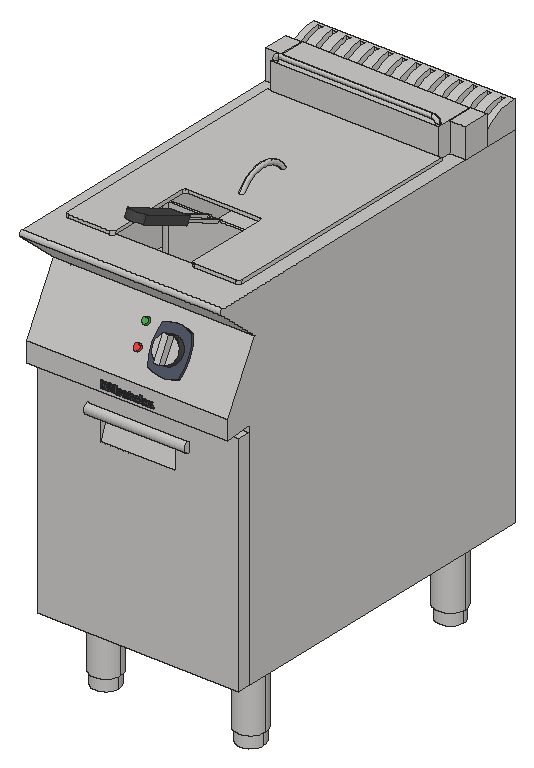
Revit family "QF_ELECTROLUXPROFESSIONAL_371084_E7FRED1FF0", category Specialty Equipment, Revit 2018 (continued)
Automatic sketch dimensions
  Extrusion 41 sketch curve to Extrusion 41 sketch curve = 0.488 mm
  Extrusion 41 sketch curve to Extrusion 41 sketch curve = 0.462 mm
  Extrusion 41 sketch curve to Extrusion 41 sketch curve = 1.386 mm
  Extrusion 41 sketch curve to Extrusion 41 sketch curve = 1.742 mm  (x2)
  Extrusion 41 sketch curve to Extrusion 41 sketch curve = 0.821 mm
  Extrusion 41 sketch curve to Extrusion 41 sketch curve = 0.497 mm
  Extrusion 41 sketch curve to Extrusion 41 sketch curve = 0.539 mm
  Extrusion 41 sketch curve to Extrusion 41 sketch curve = 0.686 mm
  Extrusion 41 sketch curve to Extrusion 41 sketch curve = 0.408 mm
  Extrusion 41 sketch curve to Extrusion 41 sketch curve = 0.743 mm
  Extrusion 41 sketch curve to Extrusion 41 sketch curve = 1.16 mm
  Extrusion 41 sketch curve to Extrusion 41 sketch curve = 0.329 mm
  Extrusion 41 sketch curve to Extrusion 41 sketch curve = 1.054 mm
  Extrusion 41 sketch curve to Extrusion 41 sketch curve = 1.056 mm
  Extrusion 41 sketch curve to Extrusion 41 sketch curve = 0.129 mm
  Extrusion 41 sketch curve to Extrusion 41 sketch curve = 0.489 mm
  Extrusion 41 sketch curve to Extrusion 41 sketch curve = 0.441 mm
  Extrusion 41 sketch curve to Extrusion 41 sketch curve = 1.151 mm
  Extrusion 41 sketch curve to Extrusion 41 sketch curve = 1.141 mm  (x2)
  Extrusion 41 sketch curve to Extrusion 41 sketch curve = 0.768 mm
  Extrusion 41 sketch curve to Extrusion 41 sketch curve = 1.653 mm
  Extrusion 41 sketch curve to Extrusion 41 sketch curve = 0.499 mm
  Extrusion 41 sketch curve to Extrusion 41 sketch curve = 0.964 mm
  Extrusion 41 sketch curve to Extrusion 41 sketch curve = 0.949 mm
  Extrusion 41 sketch curve to Extrusion 41 sketch curve = 1.345 mm  (x2)
  Extrusion 41 sketch curve to Extrusion 41 sketch curve = 0.137 mm  (x2)
  Extrusion 41 sketch curve to Extrusion 41 sketch curve = 0.432 mm
  Extrusion 41 sketch curve to Extrusion 41 sketch curve = 1.142 mm
  Extrusion 41 sketch curve to Extrusion 41 sketch curve = 0.959 mm
  Extrusion 41 sketch curve to Extrusion 41 sketch curve = 0.176 mm
  Extrusion 41 sketch curve to Extrusion 41 sketch curve = 0.728 mm
  Extrusion 41 sketch curve to Extrusion 41 sketch curve = 3.375 mm  (x2)
  Extrusion 41 sketch curve to Extrusion 41 sketch curve = 1.905 mm
  Extrusion 41 sketch curve to Extrusion 41 sketch curve = 0.955 mm
  Extrusion 41 sketch curve to Extrusion 41 sketch curve = 1.251 mm
  Extrusion 41 sketch curve to Extrusion 41 sketch curve = 0.572 mm
  Extrusion 41 sketch curve to Extrusion 41 sketch curve = 1.92 mm
  Extrusion 41 sketch curve to Extrusion 41 sketch curve = 1.224 mm
  Extrusion 41 sketch curve to Extrusion 41 sketch curve = 0.745 mm
  Extrusion 41 sketch curve to Extrusion 41 sketch curve = 2.537 mm
  Extrusion 41 sketch curve to Extrusion 41 sketch curve = 0.896 mm  (x3)
  Extrusion 41 sketch curve to Extrusion 41 sketch curve = 0.036 mm
  Extrusion 41 sketch curve to Extrusion 41 sketch curve = 2.607 mm
  Extrusion 41 sketch curve to Extrusion 41 sketch curve = 0.066 mm
  Extrusion 41 sketch curve to Extrusion 41 sketch curve = 0.248 mm
  Extrusion 41 sketch curve to Extrusion 41 sketch curve = 0.449 mm
  Extrusion 41 sketch curve to Extrusion 41 sketch curve = 1.052 mm
  Extrusion 41 sketch curve to Extrusion 41 sketch curve = 1.863 mm
  Extrusion 41 sketch curve to Extrusion 41 sketch curve = 1.31 mm  (x2)
  Extrusion 41 sketch curve to Extrusion 41 sketch curve = 0.901 mm
  Extrusion 41 sketch curve to Extrusion 41 sketch curve = 1.107 mm
  Extrusion 41 sketch curve to Extrusion 41 sketch curve = 2.122 mm
  Extrusion 41 sketch curve to Extrusion 41 sketch curve = 2.101 mm
  Extrusion 41 sketch curve to Extrusion 41 sketch curve = 0.106 mm
  Extrusion 41 sketch curve to Extrusion 41 sketch curve = 0.029 mm
  Extrusion 41 sketch curve to Extrusion 41 sketch curve = 2.09 mm
  Extrusion 41 sketch curve to Extrusion 41 sketch curve = 1.279 mm
  Extrusion 41 sketch curve to Extrusion 41 sketch curve = 2.008 mm
  Extrusion 41 sketch curve to Extrusion 41 sketch curve = 0.738 mm
  Extrusion 41 sketch curve to Extrusion 41 sketch curve = 0.382 mm
  Extrusion 41 sketch curve to Extrusion 41 sketch curve = 0.384 mm
  Extrusion 41 sketch curve to Extrusion 41 sketch curve = 0.002 mm
  Extrusion 41 sketch curve to Extrusion 41 sketch curve = 0.561 mm
  Extrusion 41 sketch curve to Extrusion 41 sketch curve = 0.592 mm
  Extrusion 41 sketch curve to Extrusion 41 sketch curve = 2.692 mm
  Extrusion 41 sketch curve to Extrusion 41 sketch curve = 1.259 mm
  Extrusion 41 sketch curve to Extrusion 41 sketch curve = 0.802 mm
  Extrusion 41 sketch curve to Extrusion 41 sketch curve = 1.024 mm  (x2)
  Extrusion 41 sketch curve to Extrusion 41 sketch curve = 0.682 mm
  Extrusion 41 sketch curve to Extrusion 41 sketch curve = 5.934 mm
  Extrusion 41 sketch curve to Extrusion 41 sketch curve = 2.186 mm
  Extrusion 41 sketch curve to Extrusion 41 sketch curve = 0.337 mm
  Extrusion 41 sketch curve to Extrusion 41 sketch curve = 0.021 mm
  Extrusion 41 sketch curve to Extrusion 41 sketch curve = 1.005 mm
  Extrusion 41 sketch curve to Extrusion 41 sketch curve = 0.552 mm
  Extrusion 41 sketch curve to Extrusion 41 sketch curve = 0.778 mm
  Extrusion 41 sketch curve to Extrusion 41 sketch curve = 0.063 mm
  Extrusion 41 sketch curve to Extrusion 41 sketch curve = 1.023 mm
  Extrusion 41 sketch curve to Extrusion 41 sketch curve = 3.804 mm
  Extrusion 41 sketch curve to Extrusion 41 sketch curve = 0.486 mm
  Extrusion 41 sketch curve to Extrusion 41 sketch curve = 0.266 mm  (x2)
  Extrusion 41 sketch curve to Extrusion 41 sketch curve = 1.547 mm
  Extrusion 41 sketch curve to Extrusion 41 sketch curve = 0.717 mm  (x2)
  Extrusion 41 sketch curve to Extrusion 41 sketch curve = 1.667 mm
  Extrusion 41 sketch curve to Extrusion 41 sketch curve = 3.174 mm
  Extrusion 41 sketch curve to plane 7 "Center Y" = 0.741 mm
  Extrusion 41 sketch curve to Extrusion 41 sketch curve = 0.388 mm
  Extrusion 41 sketch curve to Extrusion 41 sketch curve = 1.342 mm
  Extrusion 41 sketch curve to Extrusion 41 sketch curve = 1.521 mm
  Extrusion 41 sketch curve to Extrusion 41 sketch curve = 0.124 mm
  Extrusion 41 sketch curve to Extrusion 41 sketch curve = 0.291 mm
  plane 7 "Center Y" to Extrusion 41 sketch curve = 6.176 mm
  Extrusion 41 sketch curve to Extrusion 41 sketch curve = 1.049 mm  (x2)
  Extrusion 41 sketch curve to Extrusion 41 sketch curve = 1.7 mm
  Extrusion 41 sketch curve to Extrusion 41 sketch curve = 0.894 mm
  Extrusion 41 sketch curve to Extrusion 41 sketch curve = 0.989 mm
  Extrusion 41 sketch curve to Extrusion 41 sketch curve = 1.168 mm
  Extrusion 41 sketch curve to Extrusion 41 sketch curve = 1.594 mm
  Extrusion 41 sketch curve to Extrusion 41 sketch curve = 0.731 mm
  Extrusion 41 sketch curve to Extrusion 41 sketch curve = 1.566 mm
  Extrusion 41 sketch curve to Extrusion 41 sketch curve = 0.064 mm
  plane 7 "Center Y" to Extrusion 41 sketch curve = 6.733 mm
  Extrusion 41 sketch curve to Extrusion 41 sketch curve = 0.556 mm  (x2)
  Extrusion 41 sketch curve to Extrusion 41 sketch curve = 0.48 mm
  Extrusion 41 sketch curve to Extrusion 41 sketch curve = 1.018 mm
  Extrusion 41 sketch curve to Extrusion 41 sketch curve = 0.787 mm
  Extrusion 41 sketch curve to Extrusion 41 sketch curve = 0.618 mm
  Extrusion 41 sketch curve to Extrusion 41 sketch curve = 1.672 mm
  Extrusion 41 sketch curve to Extrusion 41 sketch curve = 1.361 mm
  Extrusion 41 sketch curve to Extrusion 41 sketch curve = 0.822 mm
  Extrusion 41 sketch curve to Extrusion 41 sketch curve = 0.069 mm
  Extrusion 41 sketch curve to Extrusion 41 sketch curve = 1.88 mm
  Extrusion 41 sketch curve to Extrusion 41 sketch curve = 0.42 mm
  Extrusion 41 sketch curve to Extrusion 41 sketch curve = 0.062 mm
  Extrusion 41 sketch curve to Extrusion 41 sketch curve = 1.355 mm
  Extrusion 41 sketch curve to Extrusion 41 sketch curve = 2.34 mm
  Extrusion 41 sketch curve to Extrusion 41 sketch curve = 0.493 mm
  Extrusion 41 sketch curve to Extrusion 41 sketch curve = 0.136 mm
  Extrusion 41 sketch curve to Extrusion 41 sketch curve = 0.128 mm
  Extrusion 41 sketch curve to Extrusion 41 sketch curve = 3.616 mm
  Extrusion 41 sketch curve to Extrusion 41 sketch curve = 4.207 mm
  Extrusion 41 sketch curve to Extrusion 41 sketch curve = 0.183 mm
  Extrusion 41 sketch curve to Extrusion 41 sketch curve = 0.895 mm
  Extrusion 41 sketch curve to Extrusion 41 sketch curve = 1.314 mm
  Extrusion 41 sketch curve to Extrusion 41 sketch curve = 3.231 mm
  Extrusion 41 sketch curve to Extrusion 41 sketch curve = 1.299 mm
  Extrusion 41 sketch curve to Extrusion 41 sketch curve = 1.214 mm
  Extrusion 41 sketch curve to Extrusion 41 sketch curve = 1.264 mm
  Extrusion 41 sketch curve to Extrusion 41 sketch curve = 0.109 mm
  Extrusion 41 sketch curve to Extrusion 41 sketch curve = 0.357 mm
  Extrusion 41 sketch curve to Extrusion 41 sketch curve = 0.565 mm
  Extrusion 41 sketch curve to Extrusion 41 sketch curve = 2.504 mm
  Extrusion 41 sketch curve to Extrusion 41 sketch curve = 2.459 mm
  Extrusion 41 sketch curve to Extrusion 41 sketch curve = 1.322 mm
  Extrusion 41 sketch curve to Extrusion 41 sketch curve = 2.77 mm
  Extrusion 41 sketch curve to Extrusion 41 sketch curve = 2.51 mm
  Extrusion 41 sketch curve to Extrusion 41 sketch curve = 0.187 mm
  Extrusion 41 sketch curve to Extrusion 41 sketch curve = 2.559 mm
  Extrusion 41 sketch curve to Extrusion 41 sketch curve = 1.556 mm
  Extrusion 41 sketch curve to Extrusion 41 sketch curve = 0.222 mm
  Extrusion 41 sketch curve to Extrusion 41 sketch curve = 1.383 mm
  Extrusion 41 sketch curve to Extrusion 41 sketch curve = 3.114 mm
  Extrusion 41 sketch curve to Extrusion 41 sketch curve = 3.376 mm
  Extrusion 41 sketch curve to Extrusion 41 sketch curve = 0.934 mm
  Extrusion 41 sketch curve to Extrusion 41 sketch curve = 0.191 mm
  Extrusion 41 sketch curve to Extrusion 41 sketch curve = 3.696 mm
  Extrusion 41 sketch curve to Extrusion 41 sketch curve = 2.708 mm
  Extrusion 41 sketch curve to Extrusion 41 sketch curve = 3.333 mm
  Extrusion 41 sketch curve to Extrusion 41 sketch curve = 0.332 mm
  Extrusion 41 sketch curve to Extrusion 41 sketch curve = 1.087 mm
  Extrusion 41 sketch curve to Extrusion 41 sketch curve = 2.23 mm
  Extrusion 41 sketch curve to Extrusion 41 sketch curve = 2.757 mm
  Extrusion 41 sketch curve to Extrusion 41 sketch curve = 0.987 mm
  Extrusion 41 sketch curve to Extrusion 41 sketch curve = 1.529 mm
  Extrusion 41 sketch curve to Extrusion 41 sketch curve = 1.796 mm
  Extrusion 41 sketch curve to Extrusion 41 sketch curve = 2.859 mm
  Extrusion 41 sketch curve to Extrusion 41 sketch curve = 0.853 mm
  Extrusion 41 sketch curve to Extrusion 41 sketch curve = 1.241 mm
  Extrusion 41 sketch curve to Extrusion 41 sketch curve = 2.046 mm  (x2)
  Extrusion 41 sketch curve to Extrusion 41 sketch curve = 2.422 mm
  Extrusion 41 sketch curve to Extrusion 41 sketch curve = 0.27 mm  (x2)
  Extrusion 41 sketch curve to Extrusion 41 sketch curve = 0.69 mm
  Extrusion 41 sketch curve to Extrusion 41 sketch curve = 0.781 mm  (x2)
  Extrusion 41 sketch curve to Extrusion 41 sketch curve = 3.136 mm
  Extrusion 41 sketch curve to Extrusion 41 sketch curve = 1.767 mm
  Extrusion 41 sketch curve to Extrusion 41 sketch curve = 0.138 mm
  Extrusion 41 sketch curve to Extrusion 41 sketch curve = 0.777 mm
  Extrusion 41 sketch curve to Extrusion 41 sketch curve = 1.19 mm
  Extrusion 41 sketch curve to Extrusion 41 sketch curve = 0.782 mm
  Extrusion 41 sketch curve to Extrusion 41 sketch curve = 1.268 mm
  Extrusion 41 sketch curve to Extrusion 41 sketch curve = 0.422 mm  (x2)
  Extrusion 41 sketch curve to Extrusion 41 sketch curve = 1.559 mm
  Extrusion 41 sketch curve to Extrusion 41 sketch curve = 3.927 mm
  Extrusion 41 sketch curve to Extrusion 41 sketch curve = 0.983 mm
  Extrusion 41 sketch curve to Extrusion 41 sketch curve = 1.134 mm
  Extrusion 41 sketch curve to Extrusion 41 sketch curve = 0.094 mm
  Extrusion 41 sketch curve to Extrusion 41 sketch curve = 1.584 mm
  Extrusion 41 sketch curve to Extrusion 41 sketch curve = 0.643 mm
  Extrusion 41 sketch curve to Extrusion 41 sketch curve = 0.916 mm
  Extrusion 41 sketch curve to Extrusion 41 sketch curve = 0.352 mm
  Extrusion 41 sketch curve to Extrusion 41 sketch curve = 0.458 mm
  Extrusion 41 sketch curve to Extrusion 41 sketch curve = 1.282 mm
  Extrusion 41 sketch curve to Extrusion 41 sketch curve = 1.363 mm
  Extrusion 41 sketch curve to Extrusion 41 sketch curve = 0.685 mm
  Extrusion 41 sketch curve to Extrusion 41 sketch curve = 0.905 mm
  Extrusion 41 sketch curve to Extrusion 41 sketch curve = 2.865 mm
  Extrusion 41 sketch curve to Extrusion 41 sketch curve = 0.472 mm
  Extrusion 41 sketch curve to Extrusion 41 sketch curve = 0.101 mm
  Extrusion 41 sketch curve to Extrusion 41 sketch curve = 0.54 mm
  Extrusion 41 sketch curve to Extrusion 41 sketch curve = 0.02 mm
  Extrusion 41 sketch curve to Extrusion 41 sketch curve = 0.468 mm
  Extrusion 41 sketch curve to Extrusion 41 sketch curve = 0.829 mm
  Extrusion 41 sketch curve to Extrusion 41 sketch curve = 0.582 mm
  Extrusion 41 sketch curve to Extrusion 41 sketch curve = 0.166 mm
  Extrusion 41 sketch curve to Extrusion 41 sketch curve = 0.16 mm
  Extrusion 41 sketch curve to Extrusion 41 sketch curve = 2.781 mm
  Extrusion 41 sketch curve to Extrusion 41 sketch curve = 1.118 mm
  Extrusion 41 sketch curve to Extrusion 41 sketch curve = 0.613 mm
  Extrusion 41 sketch curve to Extrusion 41 sketch curve = 0.361 mm
  Extrusion 41 sketch curve to Extrusion 41 sketch curve = 0.897 mm
  Extrusion 41 sketch curve to Extrusion 41 sketch curve = 0.167 mm
  Extrusion 41 sketch curve to Extrusion 41 sketch curve = 0.292 mm
  Extrusion 41 sketch curve to Extrusion 41 sketch curve = 0.305 mm
  Extrusion 41 sketch curve to Extrusion 41 sketch curve = 1.557 mm
  Extrusion 41 sketch curve to Extrusion 41 sketch curve = 2.499 mm
  Extrusion 41 sketch curve to Extrusion 41 sketch curve = 3.062 mm
  Extrusion 41 sketch curve to Extrusion 41 sketch curve = 2.968 mm
  Extrusion 41 sketch curve to Extrusion 41 sketch curve = 5.044 mm
  Extrusion 41 sketch curve to Extrusion 41 sketch curve = 0.629 mm  (x2)
  Extrusion 41 sketch curve to Extrusion 41 sketch curve = 1.131 mm
  Extrusion 41 sketch curve to Extrusion 41 sketch curve = 0.027 mm
  Extrusion 41 sketch curve to Extrusion 41 sketch curve = 2.235 mm
  radius of Sweep 5 sketch curve = 4.353 mm
  radius of Sweep 6 sketch curve = 3.827 mm
  radius of Extrusion 22 sketch curve = 25.4 mm
  radius of Extrusion 23 sketch curve to Extrusion 22 = 0 mm  (x2)
  radius of Extrusion 24 sketch curve = 6.35 mm
  radius of Extrusion 25 sketch curve = 6.35 mm
  radius of Extrusion 38 sketch curve = 12.7 mm
Connectors
  electrical at (348, -505, 588.3), driven by "Volts", driven by "Watts"
    settings: on Extrusion 38, index 1, voltage 400 V, apparent load 8700 VA, apparent load phase1 0 VA, apparent load phase2 0 VA, apparent load phase3 0 VA, power factor 1, load classification "Other", number of poles 1, system type 30, power factor state 1, is connector primary yes, connector utility no, sub classification motor no, connector description "Electrical Connection"
